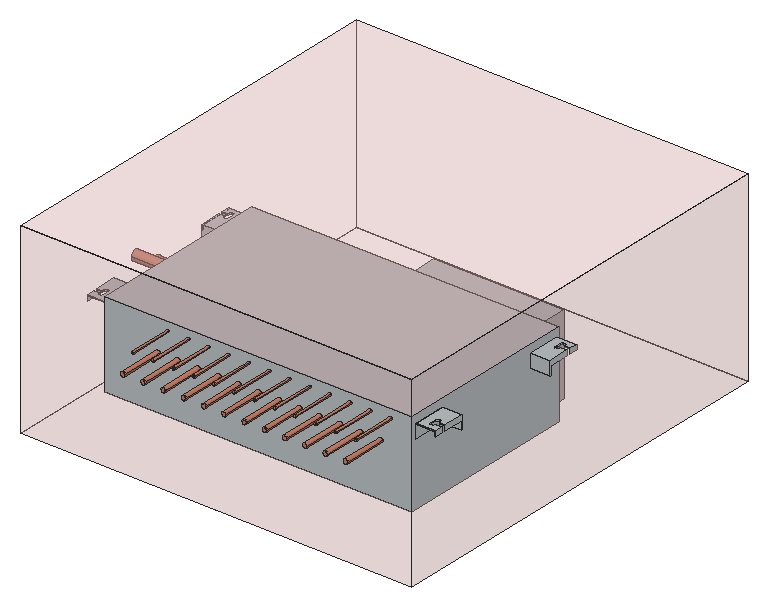
Revit family "CMB-M1012V-J1(-TR)", category 機械設備, Revit 2016
Family settings
  ホスト = 天井
  パーツ タイプ = 標準
  丸型コネクタ寸法 = 半径を使用
  OmniClass 番号 = 23.75.00.00
  OmniClass タイトル = Climate Control (HVAC)
  常に垂直 = はい
  ロード時にボイドで切り取り = いいえ
  共有 = いいえ
  部屋の計算ポイント = いいえ
Parameters (values of type "CMB-M1012V-J1(-TR)_240V_60Hz")
  説明 = "BC controller"
  製造元 = "Mitsubishi Electric Corporation"
  モデル = "CMB-M1012V-J1(-TR)"
  Width = 911.00 mm
  WarrantyStart = ""
  Voltage = 240 V
  Unit Weight (kg) = 49
  URL = "http://www.mitsubishielectric.com/"
  TagNumber = 0
  Subcategory = "HVAC"
  Space View = yes
  Sound Pressure Level (Rated operation) (dB(A)) = "40"
  Sound Pressure Level (Defrost) (dB(A)) = 53
  Sound Power Level (Rated operation) (dB(A)) = "59"
  Sound Power Level (Defrost) (dB(A)) = 71
  SerialNumber = 0
  ReplacementYear = ""
  Phase = 1
  Number of branch = 12
  InstallationDate = ""
  Indoor unit capacity connectable to 1 branch = "Model P/M80 or smaller\r\n(Use optional joint pipe combining 2 branches when the total unit capacity exceeds P/M81.)"
  Hertz = 60 Hz
  Height = 252.00 mm
  Heating Power Input (kW) = 0.09
  Heating Current (A) = 0.38
  External Finish = "Galvanized steel plate\r\n(Lower part drain pan: Pre-coated galvanized sheets + powder coating)"
  Equip_description = ""
  Equip_No. = 0
  Equip_ID = ""
  Drain pipe_radius = 16.00 mm
  Description = ""
  Depth = 622.00 mm
  CreatedOn = ""
  CreatedBy = ""
  Cooling Power Input (kW) = 0.186
  Cooling Current (A) = 0.78
  Connection pipe of outdoor/heat source unit to P350 (Low pressure)_radius = 14.29 mm
  Connection pipe of outdoor/heat source unit to P350 (High pressure) radius = "9.525 or 11.1"
  Connection pipe of outdoor/heat source unit to P250/P300 (Low pressure)_radius = 11.10 mm
  Connection pipe of outdoor/heat source unit to P250/P300 (High pressure)_radius = 9.525 mm
  Connection pipe of outdoor/heat source unit to P200/M200 (Low pressure)_radius = 9.525 mm
  Connection pipe of outdoor/heat source unit to P200/M200 (High pressure)_radius = 7.94 mm
  Connection pipe of outdoor/heat source unit to M250/M300 (Low pressure)_radius = 11.10 mm
  Connection pipe of outdoor/heat source unit to M250/M300 (High pressure)_radius = 7.94 mm
  Connection pipe of indoor unit (Liquid Pipe)_radius (O.D.) = "Indoor unit Model 50 or smaller 3.175 Brazed\r\nbigger than 50 4.76 Brazed"
  Connection pipe of indoor unit (Gas Pipe)_radius (O.D.) = "Indoor unit Model 50 or smaller 6.35 Brazed\r\nbigger than 50 7.94 Brazed\r\n(9.525, 11.1 with optional joint pipe used.)"
  Connectable Outdoor/Heat source Unit Capacity = "P200 to P350/M200 to M300"
  Category = ""
  Barcode = ""
  AssetIdentifier = ""
Types (6, lengths in mm): name | Voltage | Hertz | Heating Power Input (kW) | Heating Current (A) | Cooling Power Input (kW) | Cooling Current (A)
  CMB-M1012V-J1(-TR)_220V_50Hz | 220 V | 50 Hz | 0.09 | 0.42 | 0.186 | 0.85
  CMB-M1012V-J1(-TR)_220V_60Hz | 220 V | 60 Hz | 0.072 | 0.33 | 0.15 | 0.69
  CMB-M1012V-J1(-TR)_230V_50Hz | 230 V | 50 Hz | 0.102 | 0.44 | 0.211 | 0.92
  CMB-M1012V-J1(-TR)_230V_60Hz | 230 V | 60 Hz | 0.081 | 0.36 | 0.168 | 0.74
  CMB-M1012V-J1(-TR)_240V_50Hz | 240 V | 50 Hz | 0.114 | 0.48 | 0.236 | 0.99
  CMB-M1012V-J1(-TR)_240V_60Hz | 240 V | 60 Hz | 0.09 | 0.38 | 0.186 | 0.78
Reference planes
  plane 1 "Center (Front/Back)": y = 0
  plane 2: z = 0
  plane 3 "Center (Left/Right)": x = 0
  plane 4 "Ceiling": z = 0
  plane 5: x = 18.001
  plane 6: x = -1461.999
  plane 7: y = 963.043
  plane 8: y = 1625.043
  plane 9: y = 1625.043
  plane 10: y = 1625.043
  plane 11: y = 225.043
  plane 12: y = -424.957
  plane 13: y = -271.474
  plane 14: y = 272.5
  plane 15: y = -272.5
  plane 16: z = 452.005
  plane 17: z = 200.005
  plane 18: x = -455.5
  plane 19: x = 455.5
  plane 20 "attachment": z = 430.005
Forms (mm)
  Extrusion 1, solid, material "Plated steel"
    sketch origin (-719.999, 26, 4154.985) x (-1, 0, 0) y (0, -1, 0)
      loop
        line (-1175.499, 298.5) -> (-1175.499, -246.5) -> (-264.499, -246.5) -> (-264.499, 298.5) -> (-1175.499, 298.5)
    from -3954.98 to -3702.98
  Extrusion 2, solid, material "Plated steel"
    sketch origin (609.8, 1.043, 4125.43) x (-1, 0, 0) y (0, 0, 1)
      loop
        line (586.665, -3678.196) -> (202.3, -3678.196) -> (202.3, -3915.425) -> (586.665, -3915.425) -> (586.665, -3678.196)
    from 271.457 to 348.457
  Extrusion 3, solid, material "Service space", visible <- "Space View"
    sketch origin (0.001, 0.043, 4120) x (1, 0, 0) y (0, 1, 0)
      loop
        line (455.499, -272.543) -> (455.499, 972.457) -> (-705.501, 972.457) -> (-705.501, -272.543) -> (455.499, -272.543)
    from -4120 to -3568
  Extrusion 4, solid, material "Copper"
    sketch origin (525.5, -272.5, 4151.796) x (-1, 0, 0) y (0, 0, -1)
      loop
        circle (793, 3724.791) r 3.175
    from 0 to 130
  Extrusion 5, solid, material "Copper"
    sketch origin (585.5, -272.5, 4151.796) x (-1, 0, 0) y (0, 0, -1)
      loop
        circle (793, 3724.791) r 3.175
    from 0 to 130
  Extrusion 6, solid, material "Copper"
    sketch origin (645.5, -272.5, 4151.796) x (-1, 0, 0) y (0, 0, -1)
      loop
        circle (793, 3724.791) r 3.175
    from 0 to 130
  Extrusion 7, solid, material "Copper"
    sketch origin (548, -272.5, 4151.796) x (-1, 0, 0) y (0, 0, -1)
      loop
        circle (635.5, 3724.791) r 3.175
    from 0 to 130
  Extrusion 8, solid, material "Copper"
    sketch origin (525.5, -272.5, 4151.796) x (-1, 0, 0) y (0, 0, -1)
      loop
        circle (823, 3792.791) r 6.35
    from 0 to 130
  Extrusion 9, solid, material "Copper"
    sketch origin (585.5, -272.5, 4151.796) x (-1, 0, 0) y (0, 0, -1)
      loop
        circle (823, 3792.791) r 6.35
    from 0 to 130
  Extrusion 10, solid, material "Copper"
    sketch origin (645.5, -272.5, 4151.796) x (-1, 0, 0) y (0, 0, -1)
      loop
        circle (823, 3792.791) r 6.35
    from 0 to 130
  Extrusion 11, solid, material "Copper"
    sketch origin (548, -272.5, 4151.796) x (-1, 0, 0) y (0, 0, -1)
      loop
        circle (665.5, 3792.791) r 6.35
    from 0 to 130
  Extrusion 12, solid, material "Copper"
    sketch origin (-455.5, 272.5, 4154.985) x (0, -1, 0) y (0, 0, 1)
      loop
        circle (281, -3749.98) r 14.29
    from 0 to 120
  Extrusion 13, solid, material "Copper"
    sketch origin (-455.5, 272.5, 4154.985) x (0, -1, 0) y (0, 0, 1)
      loop
        circle (203, -3793.98) r 9.525
    from 0 to 120
  Extrusion 14, solid
    sketch origin (-455.5, 272.5, 4154.985) x (0, -1, 0) y (0, 0, 1)
      loop
        circle (272, -3923.98) r 16
    from 0 to 20
  Extrusion 15, solid, material "Copper"
    sketch origin (608, -272.5, 4151.796) x (-1, 0, 0) y (0, 0, -1)
      loop
        circle (635.5, 3724.791) r 3.175
    from 0 to 130
  Extrusion 16, solid, material "Copper"
    sketch origin (608, -272.5, 4151.796) x (-1, 0, 0) y (0, 0, -1)
      loop
        circle (665.5, 3792.791) r 6.35
    from 0 to 130
  Extrusion 17, solid, material "Copper"
    sketch origin (668, -272.5, 4151.796) x (-1, 0, 0) y (0, 0, -1)
      loop
        circle (635.5, 3724.791) r 3.175
    from 0 to 130
  Extrusion 18, solid, material "Copper"
    sketch origin (668, -272.5, 4151.796) x (-1, 0, 0) y (0, 0, -1)
      loop
        circle (665.5, 3792.791) r 6.35
    from 0 to 130
  Extrusion 19, solid, material "Copper"
    sketch origin (728, -272.5, 4151.796) x (-1, 0, 0) y (0, 0, -1)
      loop
        circle (635.5, 3724.791) r 3.175
    from 0 to 130
  Extrusion 20, solid, material "Copper"
    sketch origin (728, -272.5, 4151.796) x (-1, 0, 0) y (0, 0, -1)
      loop
        circle (665.5, 3792.791) r 6.35
    from 0 to 130
  Extrusion 21, solid, material "Copper"
    sketch origin (788, -272.5, 4151.796) x (-1, 0, 0) y (0, 0, -1)
      loop
        circle (635.5, 3724.791) r 3.175
    from 0 to 130
  Extrusion 22, solid, material "Copper"
    sketch origin (788, -272.5, 4151.796) x (-1, 0, 0) y (0, 0, -1)
      loop
        circle (665.5, 3792.791) r 6.35
    from 0 to 130
  Extrusion 23, solid, material "Copper"
    sketch origin (848, -272.5, 4151.796) x (-1, 0, 0) y (0, 0, -1)
      loop
        circle (635.5, 3724.791) r 3.175
    from 0 to 130
  Extrusion 24, solid, material "Copper"
    sketch origin (848, -272.5, 4151.796) x (-1, 0, 0) y (0, 0, -1)
      loop
        circle (665.5, 3792.791) r 6.35
    from 0 to 130
  Extrusion 25, solid, material "Copper"
    sketch origin (908, -272.5, 4151.796) x (-1, 0, 0) y (0, 0, -1)
      loop
        circle (635.5, 3724.791) r 3.175
    from 0 to 130
  Extrusion 26, solid, material "Copper"
    sketch origin (908, -272.5, 4151.796) x (-1, 0, 0) y (0, 0, -1)
      loop
        circle (665.5, 3792.791) r 6.35
    from 0 to 130
  Extrusion 27, solid, material "Copper"
    sketch origin (968, -272.5, 4151.796) x (-1, 0, 0) y (0, 0, -1)
      loop
        circle (635.5, 3724.791) r 3.175
    from 0 to 130
  Extrusion 28, solid, material "Copper"
    sketch origin (968, -272.5, 4151.796) x (-1, 0, 0) y (0, 0, -1)
      loop
        circle (665.5, 3792.791) r 6.35
    from 0 to 130
  Extrusion 29, solid, material "Copper"
    sketch origin (1028, -272.5, 4151.796) x (-1, 0, 0) y (0, 0, -1)
      loop
        circle (635.5, 3724.791) r 3.175
    from 0 to 130
  Extrusion 30, solid, material "Copper"
    sketch origin (1028, -272.5, 4151.796) x (-1, 0, 0) y (0, 0, -1)
      loop
        circle (665.5, 3792.791) r 6.35
    from 0 to 130
Lines and regions (mm)
  model lines, visible <- "Space View"
    curve 1: line (224.5, 972.5, 0) -> (-225.5, 972.5, 0)
    curve 2: line (224.5, 522.5, 0) -> (224.5, 972.5, 0)
    curve 3: line (-225.5, 522.5, 0) -> (224.5, 522.5, 0)
    curve 4: line (-225.5, 972.5, 0) -> (-225.5, 522.5, 0)
    curve 5: line (-225.5, 522.5, 0) -> (224.5, 972.5, 0)
    curve 6: line (224.5, 522.5, 0) -> (-225.5, 972.5, 0)
Dimensions and locks
  equal spacing: host sketch curve, plane 3 "Center (Left/Right)", host sketch curve
  equal spacing: host sketch curve, plane 1 "Center (Front/Back)", host sketch curve
  host sketch curve to host sketch curve = 4000.00 mm  (x2)
  locked: plane 4 "Ceiling" to host ceiling at 0
  Extrusion 1 sketch curve to Extrusion 1 sketch curve = 911.00 mm  (x2)
  Extrusion 1 sketch curve to Extrusion 1 sketch curve = 545.00 mm
  locked: Extrusion 2 to Extrusion 2 at 77
  Extrusion 1 to Extrusion 4 sketch curve = 188.00 mm
  Extrusion 1 to Extrusion 8 sketch curve = 158.00 mm
  Extrusion 12 sketch curve to Extrusion 1 = 264.00 mm
  Extrusion 1 to Extrusion 12 sketch curve = 47.00 mm
  Extrusion 13 sketch curve to Extrusion 1 = 342.00 mm
  Extrusion 1 to Extrusion 13 sketch curve = 91.00 mm
  Extrusion 14 sketch curve to Extrusion 1 = 273.00 mm
  Extrusion 1 to Extrusion 3 = 99.995 mm
  Extrusion 3 to Extrusion 1 = 200.005 mm
  locked: Extrusion 3 to Extrusion 1 at 250
  Extrusion 3 sketch curve to Extrusion 1 = 250.00 mm
  Extrusion 3 to Extrusion 1 = 700.00 mm
  Extrusion 1 to Extrusion 1 = 252.00 mm  (x2)
  Extrusion 1 to level = 200.005 mm
  Extrusion 3 to Extrusion 1 = 99.995 mm
  Extrusion 1 to Extrusion 14 = 221.00 mm
  Extrusion 1 to Extrusion 14 sketch curve = 221.00 mm
  plane 1 "Center (Front/Back)" to Extrusion 3 = 272.50 mm
  Extrusion 1 to Extrusion 13 = 91.00 mm
  equal spacing: Extrusion 1, plane 3 "Center (Left/Right)", Extrusion 1
  "Width": Extrusion 1 to Extrusion 1
  curve 2 to Extrusion 3 = 231.00 mm
  curve 4 to curve 2 = 450.00 mm
  curve 3 to Extrusion 3 = 450.00 mm
  Extrusion 1 to curve 3 = 250.00 mm
  locked: nested 1 to nested 2 at 463
  locked: Extrusion 3 to nested 2 at 41
  locked: Extrusion 1 to Extrusion 1 at 545
  equal spacing: Extrusion 1, plane 1 "Center (Front/Back)", Extrusion 1
  plane 20 "attachment" to Extrusion 1 = 22.00 mm
  locked: Extrusion 7 to Extrusion 1 at 130
  Extrusion 1 to Extrusion 3 sketch curve = 700.00 mm
  curve 3 to Extrusion 1 = 250.00 mm
  curve 3 to curve 1 = 450.00 mm
  equal spacing: group 1, group 2, group 3, group 4, group 5, group 6, group 7, group 8, group 9  (x3)
  nested 4 to nested 2 = 983.00 mm
  diameter of Extrusion 4 sketch curve = 6.35 mm
  diameter of Extrusion 5 sketch curve = 6.35 mm
  diameter of Extrusion 6 sketch curve = 6.35 mm
  diameter of Extrusion 7 sketch curve = 6.35 mm
  diameter of Extrusion 8 sketch curve = 12.70 mm
  diameter of Extrusion 9 sketch curve = 12.70 mm
  diameter of Extrusion 10 sketch curve = 12.70 mm
  diameter of Extrusion 11 sketch curve = 12.70 mm
  diameter of Extrusion 12 sketch curve = 28.58 mm
  diameter of Extrusion 13 sketch curve = 19.05 mm
  diameter of Extrusion 14 sketch curve = 32.00 mm
  diameter of Extrusion 12 = 28.58 mm
  diameter of Extrusion 13 = 19.05 mm
  diameter of Extrusion 14 = 32.00 mm
  diameter of Extrusion 15 sketch curve = 6.35 mm
  diameter of Extrusion 16 sketch curve = 12.70 mm
  diameter of Extrusion 17 sketch curve = 6.35 mm
  diameter of Extrusion 18 sketch curve = 12.70 mm
  diameter of Extrusion 19 sketch curve = 6.35 mm
  diameter of Extrusion 20 sketch curve = 12.70 mm
  diameter of Extrusion 21 sketch curve = 6.35 mm
  diameter of Extrusion 22 sketch curve = 12.70 mm
  diameter of Extrusion 23 sketch curve = 6.35 mm
  diameter of Extrusion 24 sketch curve = 12.70 mm
  diameter of Extrusion 25 sketch curve = 6.35 mm
  diameter of Extrusion 26 sketch curve = 12.70 mm
  diameter of Extrusion 27 sketch curve = 6.35 mm
  diameter of Extrusion 28 sketch curve = 12.70 mm
  diameter of Extrusion 29 sketch curve = 6.35 mm
  diameter of Extrusion 30 sketch curve = 12.70 mm
  aligned and locked: Extrusion 2 to Extrusion 1
  aligned and locked: Extrusion 1 to Extrusion 3
  aligned and locked: nested 1 to Extrusion 1
  aligned and locked: plane 20 "attachment" to nested 1
  aligned and locked: nested 2 to plane 20 "attachment"
Automatic sketch dimensions
  plane 15 to Extrusion 1 sketch curve = 0.00 mm
  plane 16 to Extrusion 2 sketch curve = 4.77 mm
  Extrusion 2 sketch curve to plane 17 = 10.00 mm
  plane 15 to Extrusion 3 sketch curve = 0.00 mm
  Extrusion 1 to Extrusion 4 sketch curve = 25.00 mm
  Extrusion 1 to Extrusion 5 sketch curve = 25.00 mm
  Extrusion 5 sketch curve to Extrusion 1 = 248.00 mm
  Extrusion 1 to Extrusion 6 sketch curve = 25.00 mm
  Extrusion 6 sketch curve to Extrusion 1 = 308.00 mm
  Extrusion 1 to Extrusion 8 sketch curve = 93.00 mm
  Extrusion 9 sketch curve to Extrusion 1 = 218.00 mm
  Extrusion 1 to Extrusion 9 sketch curve = 93.00 mm
  Extrusion 1 to Extrusion 10 sketch curve = 93.00 mm
  Extrusion 10 sketch curve to Extrusion 1 = 278.00 mm
  plane 3 "Center (Left/Right)" to Extrusion 2 sketch curve = 23.135 mm
  plane 5 to Extrusion 1 sketch curve = 437.499 mm
  plane 3 "Center (Left/Right)" to Extrusion 2 sketch curve = 407.50 mm
  plane 3 "Center (Left/Right)" to Extrusion 3 sketch curve = 455.50 mm
Nested families
  nested 1: "LEG" at (492.5, 231.5, 432.305) x (0, 1, 0) z (0, 0, 1), type "LEG"
  nested 2: "LEG" at (492.5, -231.5, 432.305) x (0, -1, 0) z (0, 0, 1), type "LEG"
  nested 3: "LEG" at (-492.5, 231.5, 432.305) x (0, 1, 0) z (0, 0, 1), type "LEG"
  nested 4: "LEG" at (-492.5, -231.5, 432.305) x (0, -1, 0) z (0, 0, 1), type "LEG"
Connectors
  piping at (-267.5, -402.5, 427.005), diameter 6.36
    settings: on Extrusion 4, index 1, connector inside diameter 609.6 mm, connector length 0.00 mm, flow factor 0, pipe flow 0.0 L/s, pressure drop 0.0 Pa, fitting loss kfactor 0, connector angle 0.00°, fixture units 0, engagement length 0.00 mm, angle of deflection 0.00°, flow configuration 0, flow direction 0, fitting loss method 0, system type 22, joint type 0, gender type 0, connector reference index -1, connector utility 0, adjustable connector no, is connector primary yes, connector description "indoor unit (Liquid)"
  piping at (-207.5, -402.5, 427.005), diameter 6.36
    settings: on Extrusion 5, index 2, connector inside diameter 609.6 mm, connector length 0.00 mm, flow factor 0, pipe flow 0.0 L/s, pressure drop 0.0 Pa, fitting loss kfactor 0, connector angle 0.00°, fixture units 0, engagement length 0.00 mm, angle of deflection 0.00°, flow configuration 0, flow direction 0, fitting loss method 0, system type 22, joint type 0, gender type 0, connector reference index -1, connector utility 0, adjustable connector no, is connector primary no, connector description "indoor unit (Liquid)"
  piping at (-147.5, -402.5, 427.005), diameter 6.36
    settings: on Extrusion 6, index 3, connector inside diameter 609.6 mm, connector length 0.00 mm, flow factor 0, pipe flow 0.0 L/s, pressure drop 0.0 Pa, fitting loss kfactor 0, connector angle 0.00°, fixture units 0, engagement length 0.00 mm, angle of deflection 0.00°, flow configuration 0, flow direction 0, fitting loss method 0, system type 22, joint type 0, gender type 0, connector reference index -1, connector utility 0, adjustable connector no, is connector primary no, connector description "indoor unit (Liquid)"
  piping at (-87.5, -402.5, 427.005), diameter 6.36
    settings: on Extrusion 7, index 4, connector inside diameter 609.6 mm, connector length 0.00 mm, flow factor 0, pipe flow 0.0 L/s, pressure drop 0.0 Pa, fitting loss kfactor 0, connector angle 0.00°, fixture units 0, engagement length 0.00 mm, angle of deflection 0.00°, flow configuration 0, flow direction 0, fitting loss method 0, system type 22, joint type 0, gender type 0, connector reference index -1, connector utility 0, adjustable connector no, is connector primary no, connector description "indoor unit (Liquid)"
  piping at (-297.5, -402.5, 359.005), diameter 12.7
    settings: on Extrusion 8, index 9, connector inside diameter 609.6 mm, connector length 0.00 mm, flow factor 0, pipe flow 0.0 L/s, pressure drop 0.0 Pa, fitting loss kfactor 0, connector angle 0.00°, fixture units 0, engagement length 0.00 mm, angle of deflection 0.00°, flow configuration 0, flow direction 0, fitting loss method 0, system type 22, joint type 0, gender type 0, connector reference index -1, connector utility 0, adjustable connector no, is connector primary no, connector description "indoor unit (Gas)"
  piping at (-237.5, -402.5, 359.005), diameter 12.7
    settings: on Extrusion 9, index 10, connector inside diameter 609.6 mm, connector length 0.00 mm, flow factor 0, pipe flow 0.0 L/s, pressure drop 0.0 Pa, fitting loss kfactor 0, connector angle 0.00°, fixture units 0, engagement length 0.00 mm, angle of deflection 0.00°, flow configuration 0, flow direction 0, fitting loss method 0, system type 22, joint type 0, gender type 0, connector reference index -1, connector utility 0, adjustable connector no, is connector primary no, connector description "indoor unit (Gas)"
  piping at (-177.5, -402.5, 359.005), diameter 12.7
    settings: on Extrusion 10, index 11, connector inside diameter 609.6 mm, connector length 0.00 mm, flow factor 0, pipe flow 0.0 L/s, pressure drop 0.0 Pa, fitting loss kfactor 0, connector angle 0.00°, fixture units 0, engagement length 0.00 mm, angle of deflection 0.00°, flow configuration 0, flow direction 0, fitting loss method 0, system type 22, joint type 0, gender type 0, connector reference index -1, connector utility 0, adjustable connector no, is connector primary no, connector description "indoor unit (Gas)"
  piping at (-117.5, -402.5, 359.005), diameter 12.7
    settings: on Extrusion 11, index 12, connector inside diameter 609.6 mm, connector length 0.00 mm, flow factor 0, pipe flow 0.0 L/s, pressure drop 0.0 Pa, fitting loss kfactor 0, connector angle 0.00°, fixture units 0, engagement length 0.00 mm, angle of deflection 0.00°, flow configuration 0, flow direction 0, fitting loss method 0, system type 22, joint type 0, gender type 0, connector reference index -1, connector utility 0, adjustable connector no, is connector primary no, connector description "indoor unit (Gas)"
  piping at (-575.5, -8.5, 405.005), diameter 28.58
    settings: on Extrusion 12, index 17, connector inside diameter 609.6 mm, connector length 0.00 mm, flow factor 0, pipe flow 0.0 L/s, pressure drop 0.0 Pa, fitting loss kfactor 0, connector angle 0.00°, fixture units 0, engagement length 0.00 mm, angle of deflection 0.00°, flow configuration 0, flow direction 0, fitting loss method 0, system type 22, joint type 0, gender type 0, connector reference index -1, connector utility 0, adjustable connector no, is connector primary no, connector description "outdoor unit(Low pressure)"
  piping at (-575.5, 69.5, 361.005), diameter 19.06
    settings: on Extrusion 13, index 19, connector inside diameter 609.6 mm, connector length 0.00 mm, flow factor 0, pipe flow 0.0 L/s, pressure drop 0.0 Pa, fitting loss kfactor 0, connector angle 0.00°, fixture units 0, engagement length 0.00 mm, angle of deflection 0.00°, flow configuration 0, flow direction 0, fitting loss method 0, system type 22, joint type 0, gender type 0, connector reference index -1, connector utility 0, adjustable connector no, is connector primary no, connector description "outdoor unit(High pressure)"
  piping at (-475.5, 0.5, 231.005), diameter 32
    settings: on Extrusion 14, index 20, connector inside diameter 609.6 mm, connector length 0.00 mm, flow factor 0, pipe flow 0.0 L/s, pressure drop 0.0 Pa, fitting loss kfactor 0, connector angle 0.00°, fixture units 0, engagement length 0.00 mm, angle of deflection 0.00°, flow configuration 0, flow direction 2, fitting loss method 0, system type 22, joint type 0, gender type 0, connector reference index -1, connector utility 0, adjustable connector no, is connector primary no, connector description "Drain"
  electrical at (407.5, 311, 328.62), driven by "Phase", driven by "Voltage"
    settings: on Extrusion 2, index 21, voltage 240 V, apparent load 0 VA, apparent load phase1 0 VA, apparent load phase2 0 VA, apparent load phase3 0 VA, power factor 1, load classification "その他", number of poles 1, system type 30, power factor state 1, is connector primary yes, connector utility no, sub classification motor no, connector description ""
  piping at (-27.5, -402.5, 427.005), diameter 6.36
    settings: on Extrusion 15, index 22, connector inside diameter 609.6 mm, connector length 0.00 mm, flow factor 0, pipe flow 0.0 L/s, pressure drop 0.0 Pa, fitting loss kfactor 0, connector angle 0.00°, fixture units 0, engagement length 0.00 mm, angle of deflection 0.00°, flow configuration 0, flow direction 0, fitting loss method 0, system type 22, joint type 0, gender type 0, connector reference index -1, connector utility 0, adjustable connector no, is connector primary no, connector description "indoor unit (Liquid)"
  piping at (32.5, -402.5, 427.005), diameter 6.36
    settings: on Extrusion 17, index 23, connector inside diameter 609.6 mm, connector length 0.00 mm, flow factor 0, pipe flow 0.0 L/s, pressure drop 0.0 Pa, fitting loss kfactor 0, connector angle 0.00°, fixture units 0, engagement length 0.00 mm, angle of deflection 0.00°, flow configuration 0, flow direction 0, fitting loss method 0, system type 23, joint type 0, gender type 0, connector reference index -1, connector utility 0, adjustable connector no, is connector primary no, connector description "indoor unit (Liquid)"
  piping at (92.5, -402.5, 427.005), diameter 6.36
    settings: on Extrusion 19, index 24, connector inside diameter 609.6 mm, connector length 0.00 mm, flow factor 0, pipe flow 0.0 L/s, pressure drop 0.0 Pa, fitting loss kfactor 0, connector angle 0.00°, fixture units 0, engagement length 0.00 mm, angle of deflection 0.00°, flow configuration 0, flow direction 0, fitting loss method 0, system type 22, joint type 0, gender type 0, connector reference index -1, connector utility 0, adjustable connector no, is connector primary no, connector description "indoor unit (Liquid)"
  piping at (152.5, -402.5, 427.005), diameter 6.36
    settings: on Extrusion 21, index 25, connector inside diameter 609.6 mm, connector length 0.00 mm, flow factor 0, pipe flow 0.0 L/s, pressure drop 0.0 Pa, fitting loss kfactor 0, connector angle 0.00°, fixture units 0, engagement length 0.00 mm, angle of deflection 0.00°, flow configuration 0, flow direction 0, fitting loss method 0, system type 22, joint type 0, gender type 0, connector reference index -1, connector utility 0, adjustable connector no, is connector primary no, connector description "indoor unit (Liquid)"
  piping at (212.5, -402.5, 427.005), diameter 6.36
    settings: on Extrusion 23, index 26, connector inside diameter 609.6 mm, connector length 0.00 mm, flow factor 0, pipe flow 0.0 L/s, pressure drop 0.0 Pa, fitting loss kfactor 0, connector angle 0.00°, fixture units 0, engagement length 0.00 mm, angle of deflection 0.00°, flow configuration 0, flow direction 0, fitting loss method 0, system type 22, joint type 0, gender type 0, connector reference index -1, connector utility 0, adjustable connector no, is connector primary no, connector description "indoor unit (Liquid)"
  piping at (272.5, -402.5, 427.005), diameter 6.36
    settings: on Extrusion 25, index 27, connector inside diameter 609.6 mm, connector length 0.00 mm, flow factor 0, pipe flow 0.0 L/s, pressure drop 0.0 Pa, fitting loss kfactor 0, connector angle 0.00°, fixture units 0, engagement length 0.00 mm, angle of deflection 0.00°, flow configuration 0, flow direction 0, fitting loss method 0, system type 22, joint type 0, gender type 0, connector reference index -1, connector utility 0, adjustable connector no, is connector primary no, connector description "indoor unit (Liquid)"
  piping at (332.5, -402.5, 427.005), diameter 6.36
    settings: on Extrusion 27, index 28, connector inside diameter 609.6 mm, connector length 0.00 mm, flow factor 0, pipe flow 0.0 L/s, pressure drop 0.0 Pa, fitting loss kfactor 0, connector angle 0.00°, fixture units 0, engagement length 0.00 mm, angle of deflection 0.00°, flow configuration 0, flow direction 0, fitting loss method 0, system type 22, joint type 0, gender type 0, connector reference index -1, connector utility 0, adjustable connector no, is connector primary no, connector description "indoor unit (Liquid)"
  piping at (-57.5, -402.5, 359.005), diameter 12.7
    settings: on Extrusion 16, index 30, connector inside diameter 609.6 mm, connector length 0.00 mm, flow factor 0, pipe flow 0.0 L/s, pressure drop 0.0 Pa, fitting loss kfactor 0, connector angle 0.00°, fixture units 0, engagement length 0.00 mm, angle of deflection 0.00°, flow configuration 0, flow direction 0, fitting loss method 0, system type 22, joint type 0, gender type 0, connector reference index -1, connector utility 0, adjustable connector no, is connector primary no, connector description "indoor unit (Gas)"
  piping at (2.5, -402.5, 359.005), diameter 12.7
    settings: on Extrusion 18, index 31, connector inside diameter 609.6 mm, connector length 0.00 mm, flow factor 0, pipe flow 0.0 L/s, pressure drop 0.0 Pa, fitting loss kfactor 0, connector angle 0.00°, fixture units 0, engagement length 0.00 mm, angle of deflection 0.00°, flow configuration 0, flow direction 0, fitting loss method 0, system type 22, joint type 0, gender type 0, connector reference index -1, connector utility 0, adjustable connector no, is connector primary no, connector description "indoor unit (Gas)"
  piping at (62.5, -402.5, 359.005), diameter 12.7
    settings: on Extrusion 20, index 32, connector inside diameter 609.6 mm, connector length 0.00 mm, flow factor 0, pipe flow 0.0 L/s, pressure drop 0.0 Pa, fitting loss kfactor 0, connector angle 0.00°, fixture units 0, engagement length 0.00 mm, angle of deflection 0.00°, flow configuration 0, flow direction 0, fitting loss method 0, system type 22, joint type 0, gender type 0, connector reference index -1, connector utility 0, adjustable connector no, is connector primary no, connector description "indoor unit (Gas)"
  piping at (122.5, -402.5, 359.005), diameter 12.7
    settings: on Extrusion 22, index 33, connector inside diameter 609.6 mm, connector length 0.00 mm, flow factor 0, pipe flow 0.0 L/s, pressure drop 0.0 Pa, fitting loss kfactor 0, connector angle 0.00°, fixture units 0, engagement length 0.00 mm, angle of deflection 0.00°, flow configuration 0, flow direction 0, fitting loss method 0, system type 22, joint type 0, gender type 0, connector reference index -1, connector utility 0, adjustable connector no, is connector primary no, connector description "indoor unit (Gas)"
  piping at (182.5, -402.5, 359.005), diameter 12.7
    settings: on Extrusion 24, index 34, connector inside diameter 609.6 mm, connector length 0.00 mm, flow factor 0, pipe flow 0.0 L/s, pressure drop 0.0 Pa, fitting loss kfactor 0, connector angle 0.00°, fixture units 0, engagement length 0.00 mm, angle of deflection 0.00°, flow configuration 0, flow direction 0, fitting loss method 0, system type 22, joint type 0, gender type 0, connector reference index -1, connector utility 0, adjustable connector no, is connector primary no, connector description "indoor unit (Gas)"
  piping at (242.5, -402.5, 359.005), diameter 12.7
    settings: on Extrusion 26, index 35, connector inside diameter 609.6 mm, connector length 0.00 mm, flow factor 0, pipe flow 0.0 L/s, pressure drop 0.0 Pa, fitting loss kfactor 0, connector angle 0.00°, fixture units 0, engagement length 0.00 mm, angle of deflection 0.00°, flow configuration 0, flow direction 0, fitting loss method 0, system type 22, joint type 0, gender type 0, connector reference index -1, connector utility 0, adjustable connector no, is connector primary no, connector description "indoor unit (Gas)"
  piping at (302.5, -402.5, 359.005), diameter 12.7
    settings: on Extrusion 28, index 36, connector inside diameter 609.6 mm, connector length 0.00 mm, flow factor 0, pipe flow 0.0 L/s, pressure drop 0.0 Pa, fitting loss kfactor 0, connector angle 0.00°, fixture units 0, engagement length 0.00 mm, angle of deflection 0.00°, flow configuration 0, flow direction 0, fitting loss method 0, system type 22, joint type 0, gender type 0, connector reference index -1, connector utility 0, adjustable connector no, is connector primary no, connector description "indoor unit (Gas)"
  piping at (392.5, -402.5, 427.005), diameter 6.36
    settings: on Extrusion 29, index 37, connector inside diameter 609.6 mm, connector length 0.00 mm, flow factor 0, pipe flow 0.0 L/s, pressure drop 0.0 Pa, fitting loss kfactor 0, connector angle 0.00°, fixture units 0, engagement length 0.00 mm, angle of deflection 0.00°, flow configuration 0, flow direction 0, fitting loss method 0, system type 7, joint type 0, gender type 0, connector reference index -1, connector utility 0, adjustable connector no, is connector primary no, connector description "indoor unit (Liquid)"
  piping at (362.5, -402.5, 359.005), diameter 12.7
    settings: on Extrusion 30, index 38, connector inside diameter 609.6 mm, connector length 0.00 mm, flow factor 0, pipe flow 0.0 L/s, pressure drop 0.0 Pa, fitting loss kfactor 0, connector angle 0.00°, fixture units 0, engagement length 0.00 mm, angle of deflection 0.00°, flow configuration 0, flow direction 0, fitting loss method 0, system type 7, joint type 0, gender type 0, connector reference index -1, connector utility 0, adjustable connector no, is connector primary no, connector description "indoor unit (Gas)"
Definition of nested family "LEG"
  Parameters (values of type "LEG_28")
    product distance = 28.00 mm
  Types (2): name
    LEG_28
    Leg
  Reference planes
    plane 1: z = 0
    plane 2 "中心(左/右)": x = 0
    plane 3: x = 30
    plane 4: y = -23
    plane 5: y = 28
    plane 6: x = -8
    plane 7: x = 8
    plane 8: x = -6
    plane 9: x = 6
    plane 10: y = 37
    plane 11: y = 35
    plane 12: y = 1
  Forms (mm)
    Extrusion 1, solid
      sketch origin (0, 0, 0) x (1, 0, 0) y (0, 1, 0)
        loop
          line (-69.369, 37) -> (-69.369, -23) -> (30, -23) -> (30, 37) -> (-69.369, 37)
      from 0 to -41
    Extrusion 2, void
      sketch origin (0, 0, 0) x (0, 1, 0) y (0, 0, 1)
        loop
          line (-20.7, -2.3) -> (-20.7, -15) -> (-23, -15) -> (-23, -60) -> (35, -60) -> (35, -2.3) -> (-20.7, -2.3)
      from -67.197 to 30
    Extrusion 3, void
      sketch origin (0, 0, 0) x (1, 0, 0) y (0, 1, 0)
        loop
          arc (-8, 8) -> (-15, 1) -> (-8, -6) r 7
          line (-8, -6) -> (-6, -6) -> (-6, -23) -> (6, -23) -> (6, -6) -> (8, -6)
          arc (8, -6) -> (15, 1) -> (8, 8) r 7
          line (8, 8) -> (-8, 8)
      from 0 to -60
  Cuts and joins
    Extrusion 2, Extrusion 3 cuts Extrusion 1
  Dimensions and locks
    Extrusion 1 sketch curve to Extrusion 1 sketch curve = 99.369 mm
    Extrusion 1 sketch curve to plane 2 "中心(左/右)" to Extrusion 1 sketch curve = 69.369 mm, 30.00 mm
    Extrusion 2 sketch curve to plane 5 = 7.00 mm
    locked: cut or joined group of Extrusion 1, Extrusion 2, Extrusion 3 to cut or joined group of Extrusion 1, Extrusion 2, Extrusion 3 at 2.3  (x2)
    plane 2 "中心(左/右)" to cut or joined group of Extrusion 1, Extrusion 2, Extrusion 3 = 30.00 mm
    aligned and locked: level to plane 1
